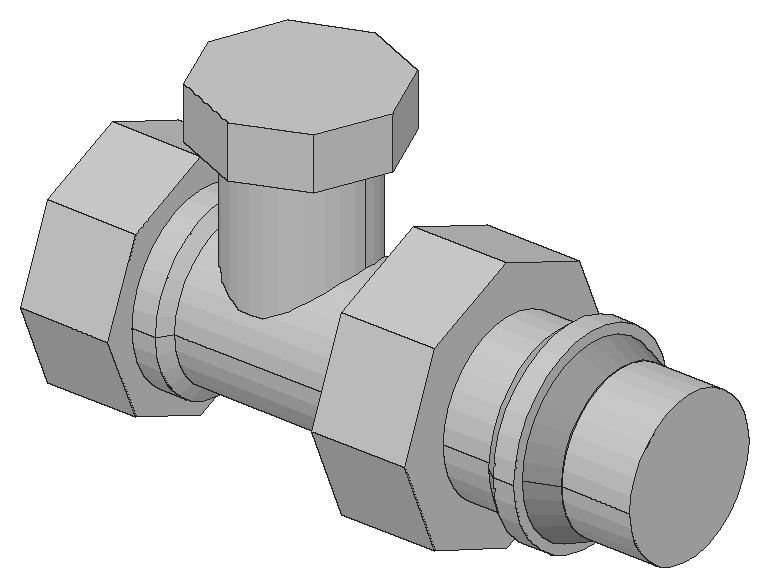
Revit family "PA_Арматура трубопроводов [клапан настроечный прямой с дополнительным уплотнением VT.020.NR]1 - VALTEC", category Арматура трубопроводов, Revit 2018
Family settings
  Размер круглого соединителя = Использовать диаметр
  Тип детали = Вставляется
  На основе рабочей плоскости = Нет
  Всегда вертикально = Да
  При загрузке вырезать с полостями = Нет
  Общий = Нет
Parameters (values of type "VT.020.NR")
  Таблица 2 = "PA_Арматура трубопроводов [клапан настроечный прямой с дополнительным уплотнением VT.020.NR] - VALTEC - Таблица 2"  # constant formula
  Таблица 1 = "PA_Арматура трубопроводов [клапан настроечный прямой с дополнительным уплотнением VT.020.NR] - VALTEC - Таблица 1"  # constant formula
  Материал доп.1 = Черный - VALTEC
  Изготовитель = "VALTEC"  # constant formula
  dn9 [instance] = size_lookup(Таблица 1, "dn9", 0 mm, d)  # 20 mm
  dn8 [instance] = size_lookup(Таблица 1, "dn8", 0 mm, d)  # 26 mm
  dn7 [instance] = size_lookup(Таблица 1, "dn7", 0 mm, d)  # 23.4 mm
  dn6 [instance] = size_lookup(Таблица 1, "dn6", 0 mm, d)  # 21.7 mm
  dn11 [instance] = size_lookup(Таблица 1, "dn11", 0 mm, d)  # 23 mm
  dn10 [instance] = size_lookup(Таблица 1, "dn10", 0 mm, d)  # 17.5 mm
  b9 [instance] = size_lookup(Таблица 1, "b9", 0 mm, d)  # 1.6 mm
  b8 [instance] = size_lookup(Таблица 1, "b8", 0 mm, d)  # 7 mm
  b7 [instance] = size_lookup(Таблица 1, "b7", 0 mm, d)  # 12.5 mm
  b6 [instance] = size_lookup(Таблица 1, "b6", 0 mm, d)  # 1.6 mm
  b5 [instance] = size_lookup(Таблица 1, "b5", 0 mm, d)  # 13.7 mm
  b4 [instance] = size_lookup(Таблица 1, "b4", 0 mm, d)  # 9.2 mm
  b3 [instance] = size_lookup(Таблица 1, "b3", 0 mm, d)  # 1.1 mm
  b11 [instance] = size_lookup(Таблица 1, "b11", 0 mm, d)  # 4 mm
  b10 [instance] = size_lookup(Таблица 1, "b10", 0 mm, d)  # 2.8 mm
  B [instance] = size_lookup(Таблица 1, "B", 0 mm, d)  # 78 mm
  b2 [instance] = size_lookup(Таблица 1, "b2", 0 mm, d)  # 3.3 mm
  dn5 [instance] = size_lookup(Таблица 1, "dn5", 0 mm, d)  # 31.9 mm
  dn4 [instance] = size_lookup(Таблица 1, "dn4", 0 mm, d)  # 23.1 mm
  dn3 [instance] = size_lookup(Таблица 1, "dn3", 0 mm, d)  # 20 mm
  dn2 [instance] = size_lookup(Таблица 1, "dn2", 0 mm, d)  # 23.5 mm
  dn1 [instance] = size_lookup(Таблица 1, "dn1", 0 mm, d)  # 28.9 mm
  d [instance] = 15 mm
  b1 [instance] = size_lookup(Таблица 1, "b1", 0 mm, d)  # 11.9 mm
  a1 [instance] = size_lookup(Таблица 1, "a1", 0 mm, d)  # 7 mm
  URL = "https://valtec.ru/"
  ADSK_Расход жидкости [instance] = 0.0 L/s
  ADSK_Примечание [instance] = ""
  ADSK_Потеря давления жидкости [instance] = 0.0 Pa
  ADSK_Позиция [instance] = ""
  ADSK_Обозначение [instance] = "VT.020.NR"  # constant formula
  ADSK_Наименование [instance] = size_lookup(Таблица 1, "", "Данный типоразмер отсутствует", d)  # "Клапан настроечный прямой с дополнительным уплотнением, 1/2\""
  ADSK_Материал = Сталь, нержавеющая - VALTEC
  ADSK_Масса [instance] = if(d = 15 mm, 0.178, 0)  # 0.178
  ADSK_Марка [instance] = size_lookup(Таблица 1, "", "Данный типоразмер отсутствует", d)  # "Клапан настроечный прямой с дополнительным уплотнением, 1/2\""
  ADSK_Код изделия [instance] = size_lookup(Таблица 2, "", "Данный типоразмер отсутствует", d)  # "VT.020.NR.04"
  ADSK_Завод-изготовитель [instance] = Изготовитель  # "VALTEC"
  ADSK_Единица измерения [instance] = "шт."  # constant formula
  ADSK_URL страницы изделия = "https://valtec.ru/catalog/radiatornaya_armatura/ruchnye_klapany_dlya_radiatorov/klapan_nastroechnyj_pryamoj_s_dopolnitelnym_uplotneniem.html"
  ADSK_URL документации изделия = "https://valtec.ru/document/technical/VT.019-020-n-nr-ner-0119.pdf"
  A [instance] = size_lookup(Таблица 1, "A", 0 mm, d)  # 30 mm
Reference planes
  plane 1 "По центру (Вперед/Назад)": y = 0
  plane 2: z = 0
  plane 3 "По центру (Влево/Вправо)": x = 0
  plane 4: x = 43.2
  plane 5: x = -25.5
  plane 6: x = -10.3
  plane 7: x = -9.2
  plane 8: x = 15.3
  plane 9: x = 27.8
  plane 10: x = 34.8
  plane 11: x = 36.4
  plane 12: x = -13.6
  plane 13: x = 39.2
  plane 14: z = 30
  plane 15: x = 13.7
  plane 16: z = 23
  plane 17: x = 52.5
Forms (mm)
  Extrusion 1, solid, material "Сталь, нержавеющая - VALTEC" <- "ADSK_Материал", detail levels medium+fine
    sketch origin (0, 0, 0) x (0, 1, 0) y (0, 0, 1)
      loop
        circle (0, 0) r 11.75
    from -13.6 to -10.3
  Blend 2, solid, material "Сталь, нержавеющая - VALTEC" <- "ADSK_Материал", detail levels medium+fine
    base sketch origin (0, 0, 0) x (0, 1, 0) y (0, 0, 1)
      loop
        circle (0, 0) r 11.75
    top sketch origin (0, 0, 0) x (0, 1, 0) y (0, 0, 1)
      loop
        circle (0, 0) r 10
    from -10.3 to -9.2
  Extrusion 3, solid, material "Сталь, нержавеющая - VALTEC" <- "ADSK_Материал", detail levels medium+fine
    sketch origin (0, 0, 0) x (0, 1, 0) y (0, 0, 1)
      loop
        circle (0, 0) r 10
    from -9.2 to 13.7
  Extrusion 4, solid, material "Сталь, нержавеющая - VALTEC" <- "ADSK_Материал", detail levels medium+fine
    sketch origin (0, 0, 0) x (0, 1, 0) y (0, 0, 1)
      loop
        circle (0, 0) r 10
    from 43.2 to 52.5
  Blend 5, solid, material "Сталь, нержавеющая - VALTEC" <- "ADSK_Материал", detail levels medium+fine
    base sketch origin (0, 0, 0) x (0, 1, 0) y (0, 0, 1)
      loop
        circle (0, 0) r 10
    top sketch origin (0, 0, 0) x (0, 1, 0) y (0, 0, 1)
      loop
        circle (0, 0) r 11.55
    from 13.7 to 15.3
  Extrusion 6, solid, material "Сталь, нержавеющая - VALTEC" <- "ADSK_Материал", detail levels medium+fine
    sketch origin (0, 0, 0) x (0, 1, 0) y (0, 0, 1)
      loop
        circle (0, 0) r 10.85
    from 27.8 to 34.8
  Blend 7, solid, material "Сталь, нержавеющая - VALTEC" <- "ADSK_Материал", detail levels medium+fine
    base sketch origin (0, 0, 0) x (0, 1, 0) y (0, 0, 1)
      loop
        circle (0, 0) r 11.7
    top sketch origin (0, 0, 0) x (0, 1, 0) y (0, 0, 1)
      loop
        circle (0, 0) r 13
    from 34.8 to 36.4
  Extrusion 8, solid, material "Сталь, нержавеющая - VALTEC" <- "ADSK_Материал", detail levels medium+fine
    sketch origin (0, 0, 0) x (0, 1, 0) y (0, 0, 1)
      loop
        circle (0, 0) r 13
    from 36.4 to 39.2
  Blend 9, solid, material "Черный - VALTEC" <- "Материал доп.1", detail levels medium+fine
    base sketch origin (0, 0, 0) x (0, 1, 0) y (0, 0, 1)
      loop
        circle (0, 0) r 11.7
    top sketch origin (0, 0, 0) x (0, 1, 0) y (0, 0, 1)
      loop
        circle (0, 0) r 10
    from 39.2 to 43.2
  Extrusion 10, solid, material "Сталь, нержавеющая - VALTEC" <- "ADSK_Материал", detail levels medium+fine
    sketch origin (0, 0, 0) x (1, 0, 0) y (0, 1, 0)
      loop
        circle (0, 0) r 8.75
    from 0 to 23
Cuts and joins
  joined: Extrusion 1, Blend 2, Extrusion 3, Extrusion 4, Blend 5, Extrusion 6, Blend 7, Extrusion 8, Extrusion 10
Lines and regions (mm)
  reference lines
    curve 1: line (-25.5, 0, 0) -> (43.2, 0, 0)
  symbolic lines, detail levels coarse
    curve 2: line (-25.5, 0, -15) -> (-25.5, 0, 15)
    curve 3: line (43.2, 0, -15) -> (43.2, 0, 15)
    curve 4: line (43.2, 0, -15) -> (-25.5, 0, 15)
    curve 5: line (-25.5, 0, -15) -> (43.2, 0, 15)
  model lines, detail levels coarse
    curve 6: line (-25.5, -15, 0) -> (-25.5, 15, 0)
    curve 7: line (43.2, -15, 0) -> (43.2, 15, 0)
    curve 8: line (43.2, -15, 0) -> (-25.5, 15, 0)
    curve 9: line (-25.5, -15, 0) -> (43.2, 15, 0)
    curve 10: line (52.5, 0, 0) -> (43.2, 0, 0)
Dimensions and locks
  "b4": plane 3 "По центру (Влево/Вправо)" to plane 7
  "b5": plane 15 to plane 3 "По центру (Влево/Вправо)"
  "b3": plane 7 to plane 6
  "b2": plane 6 to plane 12
  "b1": plane 12 to plane 5
  "b6": plane 8 to plane 15
  "b7": plane 9 to plane 8
  "b8": plane 10 to plane 9
  "b9": plane 11 to plane 10
  "b10": plane 13 to plane 11
  "b11": plane 4 to plane 13
  "a1": plane 14 to plane 16
  "A": plane 14 to plane 2
  "B": plane 17 to plane 5
  curve 2 to level to curve 2 = 15 mm locked, 15 mm locked
  curve 3 to level to curve 3 = 15 mm locked, 15 mm locked
  curve 6 to plane 1 "По центру (Вперед/Назад)" to curve 6 = 15 mm locked, 15 mm locked
  curve 7 to plane 1 "По центру (Вперед/Назад)" to curve 7 = 15 mm locked, 15 mm locked
  "dn2": diameter of Extrusion 1 sketch curve
  "dn2": diameter of Blend 2 sketch curve
  "dn3": diameter of Blend 2 sketch curve
  "dn3": diameter of Extrusion 3 sketch curve
  "dn9": diameter of Extrusion 4 sketch curve
  "dn3": diameter of Blend 5 sketch curve
  "dn4": diameter of Blend 5 sketch curve
  "dn6": diameter of Extrusion 6 sketch curve
  "dn7": diameter of Blend 7 sketch curve
  "dn8": diameter of Blend 7 sketch curve
  "dn8": diameter of Extrusion 8 sketch curve
  "dn7": diameter of Blend 9 sketch curve
  "dn9": diameter of Blend 9 sketch curve
  "dn10": diameter of Extrusion 10 sketch curve
  aligned and locked: level to plane 2
  aligned and locked: plane 1 "По центру (Вперед/Назад)" to nested 2
  aligned and locked: plane 1 "По центру (Вперед/Назад)" to nested 1
  aligned and locked: nested 1 to plane 5
  aligned and locked: nested 2 to plane 8
  aligned and locked: level to Extrusion 1 sketch curve
  aligned and locked: plane 1 "По центру (Вперед/Назад)" to Extrusion 1 sketch curve
  aligned and locked: level to Blend 2 sketch curve  (x2)
  aligned and locked: plane 1 "По центру (Вперед/Назад)" to Blend 2 sketch curve  (x2)
  aligned and locked: plane 1 "По центру (Вперед/Назад)" to Extrusion 3 sketch curve
  aligned and locked: level to Extrusion 3 sketch curve
  aligned and locked: plane 1 "По центру (Вперед/Назад)" to Extrusion 4 sketch curve
  aligned and locked: level to Extrusion 4 sketch curve
  aligned and locked: plane 4 to Extrusion 4
  aligned and locked: Extrusion 4 to plane 17
  aligned and locked: Extrusion 1 to plane 12
  aligned and locked: plane 6 to Extrusion 1
  aligned and locked: Blend 2 to plane 6
  aligned and locked: plane 7 to Blend 2
  aligned and locked: Extrusion 3 to plane 7
  aligned and locked: plane 15 to Extrusion 3
  aligned and locked: level to Blend 5 sketch curve  (x2)
  aligned and locked: plane 1 "По центру (Вперед/Назад)" to Blend 5 sketch curve  (x2)
  aligned and locked: plane 1 "По центру (Вперед/Назад)" to Extrusion 6 sketch curve
  aligned and locked: level to Extrusion 6 sketch curve
  aligned and locked: Blend 5 to plane 15
  aligned and locked: plane 8 to Blend 5
  aligned and locked: Extrusion 6 to plane 9
  aligned and locked: plane 10 to Extrusion 6
  aligned and locked: level to Blend 7 sketch curve  (x2)
  aligned and locked: plane 1 "По центру (Вперед/Назад)" to Blend 7 sketch curve  (x2)
  aligned and locked: level to Extrusion 8 sketch curve
  aligned and locked: plane 1 "По центру (Вперед/Назад)" to Extrusion 8 sketch curve
  aligned and locked: level to Blend 9 sketch curve  (x2)
  aligned and locked: plane 1 "По центру (Вперед/Назад)" to Blend 9 sketch curve  (x2)
  aligned and locked: Blend 7 to plane 10
  aligned and locked: plane 11 to Blend 7
  aligned and locked: Extrusion 8 to plane 11
  aligned and locked: plane 13 to Extrusion 8
  aligned and locked: Blend 9 to plane 13
  aligned and locked: Blend 9 to plane 4
  aligned and locked: plane 1 "По центру (Вперед/Назад)" to Extrusion 10 sketch curve
  aligned and locked: plane 3 "По центру (Влево/Вправо)" to Extrusion 10 sketch curve
  aligned and locked: plane 3 "По центру (Влево/Вправо)" to nested 3
  aligned and locked: plane 1 "По центру (Вперед/Назад)" to nested 3
  aligned and locked: plane 14 to nested 3
  aligned and locked: plane 16 to Extrusion 10
  aligned and locked: Extrusion 10 to level
  aligned and locked: plane 5 to curve 1
  aligned and locked: plane 4 to curve 1
  aligned and locked: curve 1 to level
  aligned and locked: plane 5 to curve 2
  aligned and locked: curve 3 to plane 4
  aligned and locked: plane 5 to curve 6
  aligned and locked: curve 7 to plane 4
  aligned and locked: plane 4 to curve 10
  aligned and locked: plane 17 to curve 10
  aligned and locked: curve 10 to plane 1 "По центру (Вперед/Назад)"
Nested families
  nested 1: "Гайка - горизонталь" at (-19.55, 0, 0), ADSK_Материал <- "ADSK_Материал", d <- "dn1", l <- "b1", type "Гайка - горизонталь", detail levels medium+fine
    with l 11.9 mm, d 28.9 mm, ADSK_Материал Сталь, нержавеющая - VALTEC
  nested 2: "Гайка - горизонталь" at (21.55, 0, 0), ADSK_Материал <- "ADSK_Материал", d <- "dn5", l <- "b7", type "Гайка - горизонталь", detail levels medium+fine
    with l 12.5 mm, d 31.9 mm, ADSK_Материал Сталь, нержавеющая - VALTEC
  nested 3: "Гайка - вертикаль" at (0, 0, 23), d <- "dn11", h <- "a1", ADSK_Материал <- "ADSK_Материал", type "Гайка - вертикаль", detail levels medium+fine
    with h 7 mm, d 23 mm, ADSK_Материал Сталь, нержавеющая - VALTEC
Connectors
  piping at (-25.5, 0, 0), diameter 15, driven by "d", driven by "ADSK_Расход жидкости", driven by "ADSK_Потеря давления жидкости"
    settings: on curve 1, index 1, connector inside diameter 609.6 mm, connector length 0 mm, flow factor 0, pipe flow 0.0 L/s, pressure drop 0.0 Pa, fitting loss kfactor 0, connector angle 0.00°, fixture units 0, engagement length 0 mm, angle of deflection 0.00°, flow configuration 0, flow direction 1, fitting loss method 4, system type 29, joint type 0, gender type 0, connector reference index 2, connector utility 0, adjustable connector no, is connector primary yes, connector description ""
  piping at (43.2, 0, 0), diameter 15, driven by "d", driven by "ADSK_Расход жидкости"
    settings: on curve 1, index 2, connector inside diameter 609.6 mm, connector length 0 mm, flow factor 0, pipe flow 0.0 L/s, pressure drop 0.0 Pa, fitting loss kfactor 0, connector angle 0.00°, fixture units 0, engagement length 0 mm, angle of deflection 0.00°, flow configuration 0, flow direction 2, fitting loss method 0, system type 29, joint type 0, gender type 0, connector reference index 1, connector utility 0, adjustable connector no, is connector primary no, connector description ""
Definition of nested family "Гайка - горизонталь"
  Parameters (values of type "Гайка - горизонталь")
    d [instance] = 588.881 mm
    l [instance] = 637.4 mm
    ADSK_Материал [instance] = none
  Reference planes
    plane 1 "По центру (Вперед/Назад)": y = 0
    plane 2: z = 0
    plane 3 "По центру (Влево/Вправо)": x = 0
    plane 4: y = 318.7
    plane 5: y = -318.7
    plane 6: through (0, -912.519, 2972.425) normal (0, -0.9239, -0.3827)
    plane 7: through (0, -1234.338, 2979.956) normal (0, -0.9239, -0.3827)
    plane 8: through (0, -1556.157, 2987.486) normal (0, -0.9239, -0.3827)
    plane 9: through (0, 1234.338, 2979.956) normal (0, -0.9239, 0.3827)
    plane 10: through (0, -2420.114, 1321.144) normal (0, -0.3827, -0.9239)
    plane 11: through (0, -2532.792, 1049.117) normal (0, -0.3827, -0.9239)
    plane 12: through (0, -2645.469, 777.089) normal (0, -0.3827, -0.9239)
    plane 13: through (0, 2420.114, 1321.144) normal (0, -0.3827, 0.9239)
    plane 14: through (0, 2532.792, 1049.117) normal (0, -0.3827, 0.9239)
    plane 15: through (0, 2645.469, 777.089) normal (0, -0.3827, 0.9239)
    plane 16: through (0, 912.519, 2972.425) normal (0, -0.9239, 0.3827)
    plane 17: through (0, 1234.338, 2979.956) normal (0, -0.9239, 0.3827)
    plane 18: through (0, 1556.157, 2987.486) normal (0, -0.9239, 0.3827)
    plane 19: x = 318.7
    plane 20: x = -318.7
  Forms (mm)
    Extrusion 1, solid, material <- "ADSK_Материал"
      sketch origin (0, 0, 0) x (0, 1, 0) y (0, 0, 1)
        loop
          line (0, 318.7) -> (-225.355, 225.355) -> (-318.7, 0) -> (-225.355, -225.355) -> (0, -318.7) -> (225.355, -225.355) -> (318.7, 0) -> (225.355, 225.355) -> (0, 318.7)
      from -318.7 to 318.7
  Lines and regions (mm)
    reference lines
      curve 1: line (0, -112.677, -272.027) -> (0, 112.677, 272.027)
      curve 2: line (0, -272.027, 112.677) -> (0, 272.027, -112.677)
  Dimensions and locks
    equal spacing: plane 4, plane 1 "По центру (Вперед/Назад)", plane 5
    locked: plane 4 to plane 5 at 637.4
    equal spacing: plane 8, plane 7, plane 6
    "d": plane 8 to plane 6
    equal spacing: plane 12, plane 11, plane 10
    "d": plane 12 to plane 10
    equal spacing: plane 15, plane 14, plane 13
    "d": plane 15 to plane 13
    equal spacing: plane 18, plane 17, plane 16
    "d": plane 18 to plane 16
    equal spacing: plane 20, plane 3 "По центру (Влево/Вправо)", plane 19
    "l": plane 20 to plane 19
    aligned and locked: level to plane 2
    aligned and locked: plane 10 to Extrusion 1 sketch curve
    aligned and locked: plane 13 to Extrusion 1 sketch curve
    aligned and locked: plane 16 to Extrusion 1 sketch curve
    aligned and locked: Extrusion 1 sketch curve to plane 8
    aligned and locked: Extrusion 1 sketch curve to plane 12
    aligned and locked: Extrusion 1 sketch curve to plane 15
    aligned and locked: Extrusion 1 sketch curve to plane 18
    aligned and locked: plane 6 to Extrusion 1 sketch curve
    aligned and locked: plane 19 to Extrusion 1
    aligned and locked: plane 20 to Extrusion 1
    aligned and locked: Extrusion 1 to plane 19
    aligned and locked: plane 16 to curve 2
    aligned and locked: plane 18 to curve 2
    aligned and locked: curve 2 to plane 11
    aligned and locked: plane 12 to curve 1
    aligned and locked: plane 10 to curve 1
    aligned and locked: curve 1 to plane 17
Definition of nested family "Гайка - вертикаль"
  Parameters (values of type "Гайка - вертикаль")
    h [instance] = 7.5 mm
    d [instance] = 11.918 mm
    ADSK_Материал [instance] = none
  Reference planes
    plane 1 "По центру (Вперед/Назад)": y = 0
    plane 2: z = 0
    plane 3 "По центру (Влево/Вправо)": x = 0
    plane 4: x = -6.45
    plane 5: x = 6.45
    plane 6: through (737.894, 1797.006, 1200) normal (0.9239, -0.3827, 0)
    plane 7: through (765.367, 1847.759, 1200) normal (0.9239, -0.3827, 0)
    plane 8: through (792.839, 1898.512, 1200) normal (0.9239, -0.3827, 0)
    plane 9: through (-737.894, 1797.006, 1200) normal (0.9239, 0.3827, 0)
    plane 10: through (-765.367, 1847.759, 1200) normal (0.9239, 0.3827, 0)
    plane 11: through (-792.839, 1898.512, 1200) normal (0.9239, 0.3827, 0)
    plane 12: through (1845.479, 770.872, 1200) normal (0.3827, -0.9239, 0)
    plane 13: through (1847.759, 765.367, 1200) normal (0.3827, -0.9239, 0)
    plane 14: through (1850.039, 759.861, 1200) normal (0.3827, -0.9239, 0)
    plane 15: through (-1845.479, 770.872, 1200) normal (0.3827, 0.9239, 0)
    plane 16: through (-1847.759, 765.367, 1200) normal (0.3827, 0.9239, 0)
    plane 17: through (-1850.039, 759.861, 1200) normal (0.3827, 0.9239, 0)
    plane 18: z = 7.5
  Forms (mm)
    Extrusion 1, solid, material <- "ADSK_Материал"
      sketch origin (0, 0, 0) x (1, 0, 0) y (0, 1, 0)
        loop
          line (0, 6.45) -> (-4.561, 4.561) -> (-6.45, 0) -> (-4.561, -4.561) -> (0, -6.45) -> (4.561, -4.561) -> (6.45, 0) -> (4.561, 4.561) -> (0, 6.45)
      from 0 to 7.5
  Lines and regions (mm)
    reference lines
      curve 1: line (-5.505, -2.28, 0) -> (5.505, 2.28, 0)
      curve 2: line (-2.28, 5.505, 0) -> (2.28, -5.505, 0)
  Dimensions and locks
    equal spacing: plane 4, plane 3 "По центру (Влево/Вправо)", plane 5
    locked: plane 4 to plane 5 at 12.9
    equal spacing: plane 6, plane 7, plane 8
    "d": plane 6 to plane 8
    equal spacing: plane 9, plane 10, plane 11
    "d": plane 9 to plane 11
    equal spacing: plane 12, plane 13, plane 14
    "d": plane 12 to plane 14
    equal spacing: plane 15, plane 16, plane 17
    "d": plane 15 to plane 17
    "h": plane 18 to plane 2
    aligned and locked: level to plane 2
    aligned and locked: plane 12 to Extrusion 1 sketch curve
    aligned and locked: plane 15 to Extrusion 1 sketch curve
    aligned and locked: plane 9 to Extrusion 1 sketch curve
    aligned and locked: Extrusion 1 sketch curve to plane 8
    aligned and locked: Extrusion 1 sketch curve to plane 14
    aligned and locked: Extrusion 1 sketch curve to plane 17
    aligned and locked: Extrusion 1 sketch curve to plane 11
    aligned and locked: plane 6 to Extrusion 1 sketch curve
    aligned and locked: plane 18 to Extrusion 1
    aligned and locked: plane 12 to curve 2
    aligned and locked: plane 14 to curve 2
    aligned and locked: plane 9 to curve 1
    aligned and locked: plane 11 to curve 1
    aligned and locked: curve 1 to plane 13
    aligned and locked: curve 2 to plane 10
